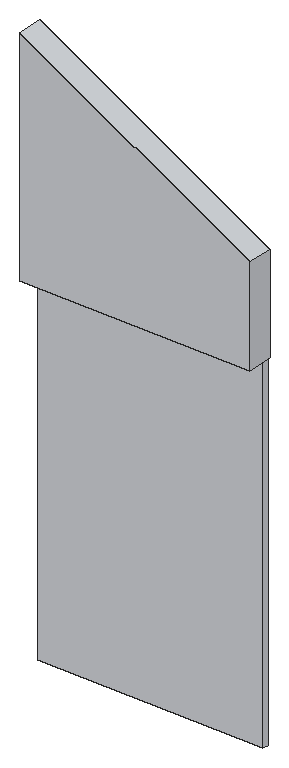
Revit family "EXP_WT-2_CPan-017", category Curtain Panels, Revit 2021
Family settings
  OmniClass Number = 23.25.20.14.11.11.17
  OmniClass Title = Infill Panels
  Always vertical = Yes
  Cut with Voids When Loaded = No
  Shared = No
Parameters
  UI-UnitNumber [instance] = "001"
  UI-Quadrant [instance] = "SE"
  UI-ProjectAbbreviation = "NEU"
  UI-ItemCategory = "PID"
  UI-FloorNumber [instance] = "03"
  PNT-WallType = "WT2"
  PNT-ProjectAbbreviation = "NEU"
  PNT-PanelType [instance] = "01"
  PNT-ItemCategory = "PNL"
  HModSX [instance] = 3' - 3"
  HModDX [instance] = 7' - 5"
  GlassSPH2(x2) [instance] = 0' - 2 3/16"
  GlassH2 [instance] = none
  GlassH1 [instance] = none
  DistanceAxis = 1' - 6"
  Define Thermal Properties by = Schematic Type
  CellSxH1 [instance] = HModSX  # 3' - 3"
  CellSxH [instance] = CellSxH1 + CellH2  # 15' - 0"
  CellSp = 0' - 10 3/16"
  CellL [instance] = 7' - 8"
  CellH2 [instance] = 11' - 9"
  CellH [instance] = 11' - 9"
  CellDxH1 [instance] = HModDX  # 7' - 5"
  CellDxH [instance] = CellDxH1 + CellH2  # 19' - 2"
  CellAngle [instance] = 45.00°
  AncleTrapezoid [instance] = 118.523°
  Analytic Construction = "<None>"
Reference planes (in)
  plane 1 "Center (Front/Back)": y = 0
  plane 2: z = 0
  plane 3 "Center (Left/Right)": x = 0
  plane 4 "Left": x = -46
  plane 5 "Right": x = 46
  plane 6 "Top": z = 141
  plane 7: y = -10.1875
  plane 8: z = 180
  plane 9: z = 230
Forms (in)
  Extrusion 1, solid, material <- "GlassH2", detail levels coarse+medium
    sketch origin (0, 0, 0) x (1, 0, 0) y (0, 0, 1)
      loop
        line (46, 141) -> (-46, 141) -> (-46, 0) -> (46, 0) -> (46, 141)
    from 0 to 10.1875
  Extrusion 2, solid, material <- "GlassH1"
    sketch origin (0, 0, 0) x (1, 0, 0) y (0, 0, 1)
      loop
        line (46, 180) -> (-46, 230) -> (-46, 141) -> (46, 141) -> (46, 180)
    from 0 to 10.1875
Lines and regions (in)
  reference lines
    curve 1: line (46, 0, 180) -> (-46, 0, 230)
Text (in)
  text "Exterior" at (-92.59733, 55.75508, 0), in view "Ref. Level"
  text "Exterior" at (0, 90.18664, 173.49264), in view "Left"
  text "Exterior" at (0, 52.29083, 162.21847), in view "Right"
Dimensions and locks (in)
  equal spacing: plane 4 "Left", plane 3 "Center (Left/Right)", plane 5 "Right"  (x2)
  "CellL": plane 4 "Left" to plane 5 "Right"
  "CellSp": plane 7 to plane 1 "Center (Front/Back)"
  "CellH": plane 2 to plane 6 "Top"
  "CellH2": plane 2 to plane 6 "Top"
  "HModSX": plane 6 "Top" to plane 8
  "HModDX": plane 6 "Top" to plane 9
  "AncleTrapezoid": angle plane 5 "Right" to curve 1
  aligned and locked: level to plane 2
  aligned and locked: plane 5 "Right" to Extrusion 1 sketch curve
  aligned and locked: plane 2 to Extrusion 1 sketch curve
  aligned and locked: plane 4 "Left" to Extrusion 1 sketch curve
  aligned and locked: plane 6 "Top" to Extrusion 1 sketch curve
  aligned and locked: Extrusion 1 to plane 7
  aligned and locked: plane 5 "Right" to Extrusion 2 sketch curve
  aligned and locked: plane 6 "Top" to Extrusion 2 sketch curve
  aligned and locked: Extrusion 2 sketch curve to plane 4 "Left"
  aligned and locked: Extrusion 2 to plane 7
  aligned and locked: plane 1 "Center (Front/Back)" to nested 1
  aligned and locked: nested 1 to plane 6 "Top"
  aligned and locked: plane 2 to nested 1
  aligned and locked: plane 5 "Right" to nested 1
  aligned and locked: plane 4 "Left" to nested 1
Automatic sketch dimensions
  Extrusion 2 sketch curve to plane 8 = 0' - 0"
  Extrusion 2 sketch curve to plane 9 = 0' - 0"
  curve 1 to plane 4 "Left" = 0' - 0"
  curve 1 to plane 8 = 0' - 0"
Nested families (in)
  nested 1: "EXP_WT-1x_IG-001" at (0, 0, 70.5), MaterialGlass <- "GlassH2", GlassSP <- "GlassSPH2(x2)", type "GlassSP = H2(x2)", detail levels fine
    with MaterialGlass none, GlassSP 0' - 2 3/16", GlassL 7' - 6.12598", GlassH 11' - 7.06299", CellL 7' - 8", CellH 11' - 9"
Definition of nested family "EXP_WT-1x_IG-001"
  Parameters (values of type "H2 _ GlassSP = 1 1/4"")
    MaterialGlass [instance] = none
    GlassSP [instance] = 0' - 1 1/4"
    GlassL [instance] = CellL - (GlassD1 + GlassD3)  # 3' - 10.94439"
    GlassH [instance] = CellH - (GlassD2 + GlassD4)  # 6' - 6.64788"
    GlassD4 = 0' - 1.43701"
    GlassD3 = 0' - 0.93701"
    GlassD2 = 0' - 0 1/2"
    GlassD1 = 0' - 0 15/16"
    GMPI-ProjectAbbreviation = "NEU"
    GMPI-IteamCategory = "GLS"
    Default Elevation = 0' - 0"
    CellL [instance] = 4' - 0.8189"
    CellH [instance] = 6' - 8.58489"
  Types (12): name | GlassSP | GlassL | GlassH | GlassD4 | GlassD2 | GlassD1
    H2(x2) _ GlassSP = 2 1/8" | 0' - 2.12598" | 3' - 10.94488" | 6' - 6.64788" | 0' - 1.43701" | 0' - 0 1/2" | 0' - 0.93701"
    H1 _ GlassSP = 1 1/4" | 0' - 1 1/4" | 3' - 10.94439" | 6' - 6.89739" | 0' - 0 1/4" | 0' - 1 7/16" | 0' - 0 15/16"
    H2(x3) _ GlassSP = 2 1/8" | 0' - 2.12598" | 3' - 10.94488" | 6' - 7.83489" | 0' - 0 1/4" | 0' - 0 1/2" | 0' - 0.93701"
    H3 _ GlassSP = 1 1/4" | 0' - 1 1/4" | 3' - 10.94439" | 6' - 6.64788" | 0' - 1.43701" | 0' - 0 1/2" | 0' - 0 15/16"
    H _ GlassSP = 2 1/8" | 0' - 2.12598" | 3' - 10.94488" | 6' - 5.71088" | 0' - 1.43701" | 0' - 1.43701" | 0' - 0.93701"
    H _ GlassSP = 1 1/4" | 0' - 1 1/4" | 3' - 10.94439" | 6' - 5.71088" | 0' - 1.43701" | 0' - 1.43701" | 0' - 0 15/16"
    H2 _ GlassSP = 1 1/4" | 0' - 1 1/4" | 3' - 10.94439" | 6' - 6.64788" | 0' - 1.43701" | 0' - 0 1/2" | 0' - 0 15/16"
    GlassSP = H | 0' - 1 1/4" | 3' - 10.94439" | 6' - 5.71088" | 0' - 1.43701" | 0' - 1.43701" | 0' - 0 15/16"
    GlassSP = H3 | 0' - 1 1/4" | 3' - 10.94439" | 6' - 6.64788" | 0' - 1.43701" | 0' - 0 1/2" | 0' - 0 15/16"
    GlassSP = H2(x3) | 0' - 2.12598" | 3' - 10.94488" | 6' - 7.83489" | 0' - 0 1/4" | 0' - 0 1/2" | 0' - 0.93701"
    GlassSP = H2(x2) | 0' - 2.12598" | 3' - 10.94488" | 6' - 6.64788" | 0' - 1.43701" | 0' - 0 1/2" | 0' - 0.93701"
    GlassSP = H1 | 0' - 1 1/4" | 3' - 10.94439" | 6' - 6.89739" | 0' - 0 1/4" | 0' - 1 7/16" | 0' - 0 15/16"
  Reference planes (in)
    plane 1 "Center (Front/Back)": y = 0
    plane 2: z = 0
    plane 3 "Center (Left/Right)": x = 0
    plane 4: x = -24.40945
    plane 5: x = 24.40945
    plane 6: z = 40.29245
    plane 7: x = -23.47195
    plane 8: x = 23.47244
    plane 9: z = -40.29245
    plane 10: z = 39.79245
    plane 11: z = -38.85544
  Forms (in)
    Extrusion 1, solid, material <- "MaterialGlass"
      sketch origin (0, 0, 0) x (1, 0, 0) y (0, 0, 1)
        loop
          line (-23.47195, -38.85544) -> (23.47244, -38.85544) -> (23.47244, 39.79245) -> (-23.47195, 39.79245) -> (-23.47195, -38.85544)
      from 0 to 1.25 <- "GlassSP"
  Dimensions and locks (in)
    equal spacing: plane 6, level, plane 9
    "CellH": plane 6 to plane 9
    "GlassD2": plane 6 to plane 10
    "GlassD4": plane 11 to plane 9
    equal spacing: plane 4, plane 3 "Center (Left/Right)", plane 5
    "CellL": plane 4 to plane 5
    "GlassD1": plane 4 to plane 7
    "GlassD3": plane 5 to plane 8
    aligned and locked: level to plane 2
    aligned and locked: Extrusion 1 sketch curve to plane 11
    aligned and locked: Extrusion 1 sketch curve to plane 7
    aligned and locked: plane 10 to Extrusion 1 sketch curve
    aligned and locked: plane 8 to Extrusion 1 sketch curve
